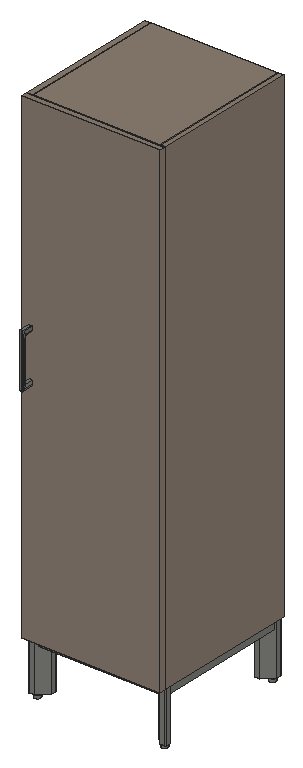
Revit family "Storage-Teknion-CT1E_Single_Tower_Elevated-R2021", category Furniture, Revit 2021 (continued)
Dimensions and locks (in)
  aligned and locked: Sweep 1 sketch curve to plane 3 "Center Left/Right"
  aligned and locked: plane 8 "Top" to Sweep 1 sketch curve
  aligned and locked: plane 9 to Sweep 1 sketch curve
  aligned and locked: plane 6 "Back" to Sweep 1 sketch curve
  aligned and locked: Sweep 1 sketch curve to plane 6 "Back"
  aligned and locked: Sweep 1 sketch curve to plane 5 "Right"
  aligned and locked: Sweep 1 sketch curve to plane 4 "Left"
  aligned and locked: plane 9 to Sweep 2 sketch curve
  aligned and locked: Sweep 2 sketch curve to plane 3 "Center Left/Right"
  aligned and locked: plane 6 "Back" to Sweep 2 sketch curve
  aligned and locked: Sweep 3 sketch curve to plane 3 "Center Left/Right"
  aligned and locked: Sweep 4 sketch curve to plane 3 "Center Left/Right"
  aligned and locked: Sweep 5 sketch curve to plane 3 "Center Left/Right"
  aligned and locked: Sweep 6 sketch curve to plane 3 "Center Left/Right"
  aligned and locked: Sweep 7 sketch curve to plane 3 "Center Left/Right"
  aligned and locked: Sweep 8 sketch curve to plane 3 "Center Left/Right"
  aligned and locked: Sweep 9 sketch curve to plane 3 "Center Left/Right"
  aligned and locked: plane 6 "Back" to Sweep 9 sketch curve
  aligned and locked: Sweep 10 sketch curve to plane 3 "Center Left/Right"
  aligned and locked: Sweep 11 sketch curve to plane 3 "Center Left/Right"
  aligned and locked: Sweep 12 sketch curve to plane 3 "Center Left/Right"
  aligned and locked: Sweep 13 sketch curve to plane 3 "Center Left/Right"
  aligned and locked: Sweep 14 sketch curve to plane 3 "Center Left/Right"
  aligned and locked: plane 7 "Front" to Sweep 14 sketch curve
  aligned and locked: plane 8 "Top" to Sweep 14 sketch curve
  aligned and locked: plane 9 to Sweep 14 sketch curve
  aligned and locked: Sweep 15 sketch curve to plane 3 "Center Left/Right"
  aligned and locked: Sweep 16 sketch curve to plane 3 "Center Left/Right"
  aligned and locked: Sweep 17 sketch curve to plane 3 "Center Left/Right"
  aligned and locked: Sweep 17 sketch curve to plane 8 "Top"
  aligned and locked: plane 9 to Sweep 18 sketch curve
  aligned and locked: plane 3 "Center Left/Right" to Sweep 18 sketch curve
  aligned and locked: plane 3 "Center Left/Right" to Sweep 19 sketch curve
  aligned and locked: plane 9 to Sweep 19 sketch curve
  aligned and locked: Sweep 19 sketch curve to Sweep 19 sketch curve  (x8)
  aligned and locked: Sweep 20 sketch curve to plane 9
  aligned and locked: Sweep 21 sketch curve to plane 3 "Center Left/Right"
  aligned and locked: plane 2 to Sweep 21 sketch curve
  aligned and locked: Sweep 22 sketch curve to plane 3 "Center Left/Right"
  aligned and locked: Sweep 23 sketch curve to plane 3 "Center Left/Right"
  aligned and locked: Sweep 23 sketch curve to plane 7 "Front"
  aligned and locked: Sweep 24 sketch curve to plane 3 "Center Left/Right"
  aligned and locked: Sweep 24 sketch curve to plane 7 "Front"
  aligned and locked: plane 7 "Front" to Sweep 25 sketch curve  (x2)
  aligned and locked: plane 7 "Front" to Sweep 26 sketch curve  (x2)
  aligned and locked: Sweep 27 sketch curve to plane 9
  aligned and locked: plane 7 "Front" to Sweep 27 sketch curve
  aligned and locked: plane 7 "Front" to Sweep 28 sketch curve  (x2)
  aligned and locked: plane 7 "Front" to Sweep 29 sketch curve
  aligned and locked: Sweep 30 sketch curve to plane 7 "Front"
  aligned and locked: plane 3 "Center Left/Right" to Sweep 31 sketch curve
  aligned and locked: plane 7 "Front" to Sweep 31 sketch curve
  aligned and locked: Sweep 32 sketch curve to plane 3 "Center Left/Right"
  aligned and locked: plane 7 "Front" to Sweep 32 sketch curve
  aligned and locked: Sweep 32 sketch curve to Sweep 32 sketch curve  (x2)
  aligned and locked: Sweep 31 sketch curve to Sweep 31 sketch curve  (x2)
  aligned and locked: Sweep 33 sketch curve to plane 7 "Front"
  aligned and locked: plane 3 "Center Left/Right" to Sweep 34 sketch curve
  aligned and locked: plane 7 "Front" to Sweep 34 sketch curve
  aligned and locked: Sweep 34 sketch curve to Sweep 34 sketch curve  (x2)
  aligned and locked: Masking region 1 sketch curve to plane 6 "Back"
  aligned and locked: plane 5 "Right" to Masking region 1 sketch curve
  aligned and locked: plane 4 "Left" to Masking region 1 sketch curve
  aligned and locked: Masking region 1 sketch curve to Sweep 1
  aligned and locked: Masking region 2 sketch curve to cut or joined group of Sweep 12, Sweep 13  (x2)
  aligned and locked: Masking region 2 sketch curve to cut or joined group of Sweep 14, Sweep 15, Sweep 16, Sweep 17
  aligned and locked: Sweep 1 to Masking region 2 sketch curve
  aligned and locked: Masking region 3 sketch curve to cut or joined group of Sweep 14, Sweep 15, Sweep 16, Sweep 17  (x3)
  aligned and locked: Masking region 3 sketch curve to plane 7 "Front"
  aligned and locked: plane 7 "Front" to Masking region 4 sketch curve
  aligned and locked: cut or joined group of Sweep 24, Sweep 25 to Masking region 4 sketch curve
  aligned and locked: Masking region 4 sketch curve to cut or joined group of Sweep 24, Sweep 25  (x2)
  aligned and locked: plane 7 "Front" to Masking region 5 sketch curve  (x2)
  aligned and locked: Masking region 5 sketch curve to cut or joined group of Sweep 30, Sweep 32  (x4)
  aligned and locked: cut or joined group of Sweep 30, Sweep 32 to Masking region 5 sketch curve
  aligned and locked: curve 1 to Sweep 9
  aligned and locked: curve 2 to Sweep 9
  aligned and locked: curve 3 to cut or joined group of Sweep 24, Sweep 25
  aligned and locked: curve 4 to cut or joined group of Sweep 24, Sweep 25
  aligned and locked: curve 5 to cut or joined group of Sweep 24, Sweep 25
  aligned and locked: curve 6 to cut or joined group of Sweep 18, Sweep 19, Sweep 20, Sweep 21, Sweep 22
  aligned and locked: curve 7 to cut or joined group of Sweep 18, Sweep 19, Sweep 20, Sweep 21, Sweep 22
  aligned and locked: curve 8 to cut or joined group of Sweep 18, Sweep 19, Sweep 20, Sweep 21, Sweep 22
  aligned and locked: curve 9 to cut or joined group of Sweep 18, Sweep 19, Sweep 20, Sweep 21, Sweep 22
  aligned and locked: curve 10 to cut or joined group of Sweep 18, Sweep 19, Sweep 20, Sweep 21, Sweep 22
  aligned and locked: curve 11 to cut or joined group of Sweep 18, Sweep 19, Sweep 20, Sweep 21, Sweep 22
  aligned and locked: curve 12 to cut or joined group of Sweep 18, Sweep 19, Sweep 20, Sweep 21, Sweep 22
  aligned and locked: curve 13 to cut or joined group of Sweep 18, Sweep 19, Sweep 20, Sweep 21, Sweep 22
  aligned and locked: curve 14 to cut or joined group of Sweep 18, Sweep 19, Sweep 20, Sweep 21, Sweep 22
  aligned and locked: curve 15 to cut or joined group of Sweep 18, Sweep 19, Sweep 20, Sweep 21, Sweep 22
  aligned and locked: curve 16 to cut or joined group of Sweep 18, Sweep 19, Sweep 20, Sweep 21, Sweep 22
  aligned and locked: curve 17 to cut or joined group of Sweep 18, Sweep 19, Sweep 20, Sweep 21, Sweep 22
  aligned and locked: curve 18 to cut or joined group of Sweep 18, Sweep 19, Sweep 20, Sweep 21, Sweep 22
  aligned and locked: curve 20 to cut or joined group of Sweep 18, Sweep 19, Sweep 20, Sweep 21, Sweep 22
  aligned and locked: curve 21 to cut or joined group of Sweep 18, Sweep 19, Sweep 20, Sweep 21, Sweep 22
  aligned and locked: curve 23 to cut or joined group of Sweep 18, Sweep 19, Sweep 20, Sweep 21, Sweep 22
  aligned and locked: curve 24 to cut or joined group of Sweep 18, Sweep 19, Sweep 20, Sweep 21, Sweep 22
  aligned and locked: curve 25 to cut or joined group of Sweep 18, Sweep 19, Sweep 20, Sweep 21, Sweep 22
  aligned and locked: curve 26 to cut or joined group of Sweep 18, Sweep 19, Sweep 20, Sweep 21, Sweep 22
  aligned and locked: curve 27 to cut or joined group of Sweep 18, Sweep 19, Sweep 20, Sweep 21, Sweep 22
  aligned and locked: curve 28 to cut or joined group of Sweep 18, Sweep 19, Sweep 20, Sweep 21, Sweep 22
  aligned and locked: curve 30 to cut or joined group of Sweep 18, Sweep 19, Sweep 20, Sweep 21, Sweep 22
  aligned and locked: curve 32 to cut or joined group of Sweep 18, Sweep 19, Sweep 20, Sweep 21, Sweep 22
  aligned and locked: curve 33 to cut or joined group of Sweep 18, Sweep 19, Sweep 20, Sweep 21, Sweep 22
  aligned and locked: curve 35 to cut or joined group of Sweep 18, Sweep 19, Sweep 20, Sweep 21, Sweep 22
  aligned and locked: curve 36 to cut or joined group of Sweep 18, Sweep 19, Sweep 20, Sweep 21, Sweep 22
  aligned and locked: curve 37 to cut or joined group of Sweep 18, Sweep 19, Sweep 20, Sweep 21, Sweep 22
  aligned and locked: curve 38 to cut or joined group of Sweep 18, Sweep 19, Sweep 20, Sweep 21, Sweep 22
  aligned and locked: curve 40 to cut or joined group of Sweep 18, Sweep 19, Sweep 20, Sweep 21, Sweep 22
  aligned and locked: curve 41 to cut or joined group of Sweep 18, Sweep 19, Sweep 20, Sweep 21, Sweep 22
  aligned and locked: curve 42 to cut or joined group of Sweep 18, Sweep 19, Sweep 20, Sweep 21, Sweep 22
  aligned and locked: curve 44 to cut or joined group of Sweep 18, Sweep 19, Sweep 20, Sweep 21, Sweep 22
  aligned and locked: curve 45 to cut or joined group of Sweep 18, Sweep 19, Sweep 20, Sweep 21, Sweep 22
  aligned and locked: curve 46 to cut or joined group of Sweep 18, Sweep 19, Sweep 20, Sweep 21, Sweep 22
  aligned and locked: curve 48 to cut or joined group of Sweep 18, Sweep 19, Sweep 20, Sweep 21, Sweep 22
  aligned and locked: curve 49 to cut or joined group of Sweep 18, Sweep 19, Sweep 20, Sweep 21, Sweep 22
  aligned and locked: curve 50 to cut or joined group of Sweep 18, Sweep 19, Sweep 20, Sweep 21, Sweep 22
  aligned and locked: curve 51 to cut or joined group of Sweep 18, Sweep 19, Sweep 20, Sweep 21, Sweep 22
  aligned and locked: curve 52 to cut or joined group of Sweep 18, Sweep 19, Sweep 20, Sweep 21, Sweep 22
  aligned and locked: curve 53 to cut or joined group of Sweep 18, Sweep 19, Sweep 20, Sweep 21, Sweep 22
  aligned and locked: curve 54 to cut or joined group of Sweep 18, Sweep 19, Sweep 20, Sweep 21, Sweep 22
  aligned and locked: curve 55 to cut or joined group of Sweep 18, Sweep 19, Sweep 20, Sweep 21, Sweep 22
  aligned and locked: curve 56 to cut or joined group of Sweep 18, Sweep 19, Sweep 20, Sweep 21, Sweep 22
  aligned and locked: curve 57 to cut or joined group of Sweep 18, Sweep 19, Sweep 20, Sweep 21, Sweep 22
  aligned and locked: curve 58 to cut or joined group of Sweep 12, Sweep 13
  aligned and locked: curve 59 to cut or joined group of Sweep 12, Sweep 13
  aligned and locked: curve 60 to cut or joined group of Sweep 12, Sweep 13
  aligned and locked: curve 61 to cut or joined group of Sweep 12, Sweep 13
  aligned and locked: curve 62 to cut or joined group of Sweep 12, Sweep 13
  aligned and locked: curve 63 to cut or joined group of Sweep 12, Sweep 13
  aligned and locked: curve 64 to cut or joined group of Sweep 12, Sweep 13
  aligned and locked: curve 65 to Sweep 7
  aligned and locked: curve 66 to Sweep 8
  aligned and locked: curve 67 to Sweep 8
  aligned and locked: plane 5 "Right" to curve 68
  aligned and locked: curve 69 to plane 4 "Left"
  aligned and locked: curve 70 to plane 6 "Back"
  aligned and locked: curve 71 to plane 7 "Front"
  aligned and locked: curve 72 to cut or joined group of Sweep 18, Sweep 19, Sweep 20, Sweep 21, Sweep 22
  aligned and locked: curve 73 to cut or joined group of Sweep 18, Sweep 19, Sweep 20, Sweep 21, Sweep 22
  aligned and locked: curve 74 to cut or joined group of Sweep 18, Sweep 19, Sweep 20, Sweep 21, Sweep 22
  aligned and locked: curve 75 to cut or joined group of Sweep 18, Sweep 19, Sweep 20, Sweep 21, Sweep 22
  aligned and locked: curve 76 to cut or joined group of Sweep 18, Sweep 19, Sweep 20, Sweep 21, Sweep 22
  aligned and locked: curve 77 to cut or joined group of Sweep 18, Sweep 19, Sweep 20, Sweep 21, Sweep 22
  aligned and locked: curve 78 to cut or joined group of Sweep 18, Sweep 19, Sweep 20, Sweep 21, Sweep 22
  aligned and locked: curve 79 to cut or joined group of Sweep 18, Sweep 19, Sweep 20, Sweep 21, Sweep 22
  aligned and locked: curve 80 to cut or joined group of Sweep 18, Sweep 19, Sweep 20, Sweep 21, Sweep 22
  aligned and locked: curve 81 to cut or joined group of Sweep 18, Sweep 19, Sweep 20, Sweep 21, Sweep 22
  aligned and locked: curve 82 to cut or joined group of Sweep 18, Sweep 19, Sweep 20, Sweep 21, Sweep 22
  aligned and locked: curve 83 to cut or joined group of Sweep 18, Sweep 19, Sweep 20, Sweep 21, Sweep 22
  aligned and locked: curve 84 to cut or joined group of Sweep 18, Sweep 19, Sweep 20, Sweep 21, Sweep 22
  aligned and locked: curve 85 to cut or joined group of Sweep 18, Sweep 19, Sweep 20, Sweep 21, Sweep 22
  aligned and locked: curve 86 to cut or joined group of Sweep 18, Sweep 19, Sweep 20, Sweep 21, Sweep 22
  aligned and locked: curve 87 to cut or joined group of Sweep 18, Sweep 19, Sweep 20, Sweep 21, Sweep 22
  aligned and locked: plane 1 "Center Front/Back" to Sweep 35 sketch curve
  aligned and locked: Sweep 36 sketch curve to plane 1 "Center Front/Back"
  aligned and locked: plane 7 "Front" to Masking region 6 sketch curve
  aligned and locked: curve 89 to cut or joined group of Sweep 33, Sweep 34
  aligned and locked: curve 90 to cut or joined group of Sweep 33, Sweep 34
  aligned and locked: Masking region 7 sketch curve to cut or joined group of Sweep 27, Sweep 28  (x2)
  aligned and locked: plane 7 "Front" to Masking region 7 sketch curve
  aligned and locked: curve 91 to cut or joined group of Sweep 27, Sweep 28
  aligned and locked: curve 92 to cut or joined group of Sweep 27, Sweep 28
  aligned and locked: curve 93 to cut or joined group of Sweep 27, Sweep 28
  aligned and locked: curve 94 to cut or joined group of Sweep 27, Sweep 28
  aligned and locked: curve 96 to cut or joined group of Sweep 33, Sweep 34
  aligned and locked: curve 97 to cut or joined group of Sweep 33, Sweep 34
  aligned and locked: curve 98 to cut or joined group of Sweep 33, Sweep 34
  aligned and locked: nested 2 to plane 6 "Back"
  aligned and locked: nested 1 to plane 6 "Back"
  aligned and locked: plane 4 "Left" to nested 1
  aligned and locked: nested 2 to plane 5 "Right"
Automatic sketch dimensions
  Sweep 21 sketch curve to Sweep 21 sketch curve = 0.000"  (x8)
  Sweep 21 sketch curve to Sweep 21 sketch curve = 0.41339"  (x4)
  Sweep 22 sketch curve to Sweep 22 sketch curve = 0.000"  (x8)
  Sweep 22 sketch curve to Sweep 22 sketch curve = 0.1875"  (x4)
  Sweep 25 sketch curve to profile plane = 0.000"
  profile plane to Sweep 28 sketch curve = 0.000"
  Sweep 29 sketch curve to Sweep 29 sketch curve = 0.000"
  Sweep 30 sketch curve to Sweep 30 sketch curve = 0.000"
  Sweep 30 sketch curve to Sweep 30 sketch curve = 0.5084"
  Sweep 31 sketch curve to Sweep 31 sketch curve = 0.07085"  (x2)
  Sweep 32 sketch curve to Sweep 32 sketch curve = 0.07085"
  Sweep 32 sketch curve to Sweep 32 sketch curve = 0.1479"
  Sweep 33 sketch curve to Sweep 33 sketch curve = 0.000"
  Sweep 34 sketch curve to Sweep 34 sketch curve = 0.07085"  (x2)
  curve 1 to plane 6 "Back" = 0.000"
  curve 2 to plane 6 "Back" = 0.000"
  curve 2 to plane 7 "Front" = 0.84252"
  plane 7 "Front" to curve 4 = 0.000"
  plane 7 "Front" to curve 5 = 0.000"
  Masking region 5 sketch curve to Masking region 5 sketch curve = 0.4375"
  curve 1 to curve 21 = 0.18425"
  curve 58 to curve 21 = 0.30236"
  curve 62 to curve 27 = 0.30236"
  curve 46 to curve 72 = 0.07855"
  curve 72 to curve 50 = 0.35355"
  curve 74 to curve 8 = 0.10355"
  curve 72 to curve 74 = 0.000"
  curve 76 to curve 50 = 0.35355"
  curve 35 to curve 77 = 0.07855"
  curve 79 to curve 76 = 0.000"
  curve 78 to curve 12 = 0.10355"
  curve 56 to curve 80 = 0.35355"
  curve 80 to curve 26 = 0.07855"
  curve 82 to curve 80 = 0.000"
  curve 9 to curve 82 = 0.10355"
  curve 84 to curve 18 = 0.07855"
  curve 56 to curve 85 = 0.35355"
  curve 8 to curve 87 = 0.10355"
  curve 84 to curve 87 = 0.000"
  curve 88 to curve 7 = 0.80925"
  plane 7 "Front" to curve 89 = 0.000"
  plane 7 "Front" to curve 90 = 0.000"
  Masking region 7 sketch curve to Masking region 7 sketch curve = 0.371"
  Masking region 6 sketch curve to Masking region 6 sketch curve = 0.000"
  Masking region 6 sketch curve to Masking region 6 sketch curve = 0.21875"
  plane 7 "Front" to curve 92 = 0.000"
  plane 7 "Front" to curve 93 = 0.64619"
  plane 7 "Front" to curve 94 = 0.000"
  curve 89 to curve 91 = 0.45453"
  curve 95 to curve 90 = 0.07085"
  curve 89 to curve 96 = 0.07085"
  curve 95 to curve 90 = 0.17997"
Nested families (in)
  nested 1: "Teknion_2D_Node_Family-R2016" at (-9.45818, 10.5442, 0), type "Teknion_2D_Node_Family-R2016"
  nested 2: "Teknion_2D_Node_Family-R2016" at (8.54182, 10.5442, 0), type "Teknion_2D_Node_Family-R2016"
Definition of nested family "Teknion_2D_Node_Family-R2016"
  Reference planes (in)
    plane 1 "Center (Front/Back)": y = 0
    plane 2: z = 0
    plane 3 "Center (Left/Right)": x = 0
  Lines and regions (in)
    detail lines, in view "Ref. Level"
      curve 1: circle (0, 0, 0) r 1.25 normal (0, 0, 1)
      curve 2: line (1.91508, -1.91508, 0) -> (-1.91508, 1.91508, 0)
      curve 3: line (-1.91508, -1.91508, 0) -> (1.91508, 1.91508, 0)
Types (5): name | WX - Wardrobe Upper, 1 Box 1 File Lower | WW - Wardrobe Full Height | Shelf 2 - Thickness | Shelf 2 - Front Distance | Shelf 3 | Shelf 2 | Shelf 1 | OX - Open Upper, 1 Box 1 File Lower | OH - Open Upper, Hinged Door Lower | Model | Handle Finish | HF - Hinged Door With Internal Shelves Full Height | Front Finish | Drawer Finish | Drawer | Description | Cut-Out - Front 3 | Cut-Out - Front 2 | Cut-Out - Front 1 | Case Finish | Base & Foot Finish | ADA Handle 2 | ADA Handle 1 | ADA Handle - Vertical
  Hinged Door With Internal Shelves Full Height (HF) | no | no | 1.039" | 1.843" | yes | yes | yes | no | no | "CT1EHF___18__" | Paint - Teknion - Mica - Anthracite | yes | Veneer - Teknion - U5 - Arabica Walnut | Veneer - Teknion - U5 - Arabica Walnut | no | "Single Tower, Elevated, Hinged Door With Internal Shelves Full Height Configuration, 18\" Width" | 0.500" | 0.500" | 0.500" | Veneer - Teknion - U5 - Arabica Walnut | Paint - Teknion - Mica - Anthracite | no | no | yes
  Wardrobe Full Height (WW) | no | yes | 1.039" | 1.843" | no | no | yes | no | no | "CT1EWW___18__" | Paint - Teknion - Foundation - Crisp Grey | no | Veneer - Teknion - U5 - Arabica Walnut | Veneer - Teknion - U5 - Arabica Walnut | no | "Single Tower, Elevated, Wardrobe Full Height Configuration, 18\" Width" | 0.500" | 0.500" | 0.500" | Veneer - Teknion - U5 - Arabica Walnut | Paint - Teknion - Foundation - Crisp Grey | no | no | yes
  Open Upper, 1 Box 1 File Lower (OX) | no | no | 0.724" | 0.843" | yes | yes | no | yes | no | "CT1EOX___18__" | Paint - Teknion - Mica - Anthracite | no | Veneer - Teknion - U1 - Salted Oak | Veneer - Teknion - U1 - Salted Oak | yes | "Single Tower, Elevated, Open Upper, 1 Box 1 File Lower Configuration, 18\" Width" | 5.000" | 0.500" | 4.000" | Veneer - Teknion - U1 - Salted Oak | Paint - Teknion - Mica - Anthracite | yes | yes | no
  Open Upper, Hinged Door Lower (OH) | no | no | 0.724" | 0.843" | yes | yes | yes | no | yes | "CT1EOH___18__" | Paint - Teknion - Foundation - Crisp Grey | no | Veneer - Teknion - DV - Sierra | Veneer - Teknion - DV - Sierra | no | "Single Tower, Elevated, Open Upper, Hinged Door Lower Configuration, 18\" Width" | 5.000" | 0.500" | 0.500" | Veneer - Teknion - DV - Sierra | Paint - Teknion - Foundation - Crisp Grey | yes | no | no
  Wardrobe Upper, 1 Box 1 File Lower (WX) | yes | no | 0.724" | 0.843" | no | yes | no | no | no | "CT1EWX___18__" | Paint - Teknion - CQ - Chroma Metal - Soft Gold | no | Veneer - Teknion - DV - Sierra | Veneer - Teknion - DV - Sierra | yes | "Single Tower, Elevated, Wardrobe Upper, 1 Box 1 File Lower Configuration, 18\" Width" | 0.500" | 4.000" | 4.000" | Veneer - Teknion - DV - Sierra | Paint - Teknion - CQ - Chroma Metal - Soft Gold | yes | yes | yes
